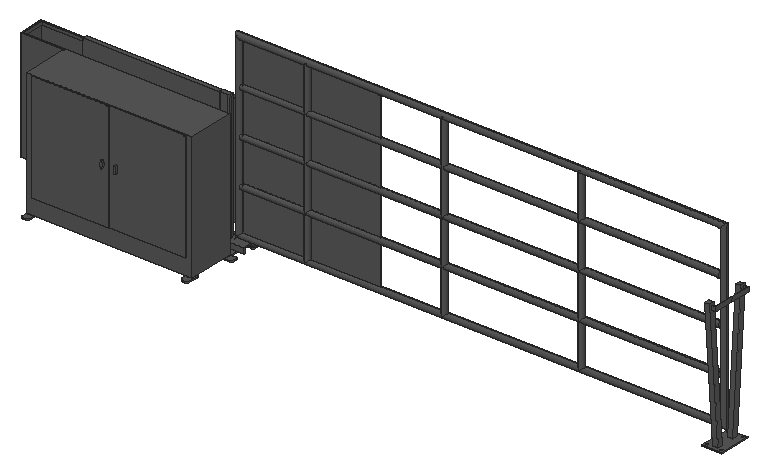
Revit family "1Construction_Fences-&-Traffic-Security_AutoGate_Cornhusker-Pivot-Gates", category Specialty Equipment, Revit 2023
Family settings
  Round Connector Dimension = Use Diameter
  Part Type = Normal
  OmniClass Number = 23.25.40.21.21
  OmniClass Title = Gates
  Work Plane-Based = Yes
  Enable Cutting in Views = Yes
  Always vertical = Yes
  Cut with Voids When Loaded = No
  Maintain Annotation Orientation = No
  Shared = No
  Room Calculation Point = No
Parameters (values of type "Cornhusker VPG")
  z_York Pad Clearance [instance] = and(Concrete Pad Min. Clearance, or(Yoke Option = 5, Yoke Option = 6, Yoke Option = 7))  # yes
  z_Yoke Pad 2 [instance] = if(Yoke Option = 5, 9.500", 5.500")  # 5.500"
  z_Yoke Pad 1 [instance] = if(Yoke Option = 5, 3.500", 7.500")  # 7.500"
  z_Single Rail Visibility [instance] = if(Height < 60.000", 1 = 1, 1 = 0)  # no
  z_Second Rail Position [instance] = z_First Rail Position + (Height - 7.375") / (z_No of Rails + 1)  # 36.3125"
  z_No of Uprights [instance] = (roundup((Length - 27.623" - 2.375") / 83.000"))  # 3
  z_No of Rails [instance] = if(Height < 60.000", 2, (rounddown((Height - 5.000") / 18.208") - 1))  # 3
  z_Multiple Rail Visibility [instance] = not(z_Single Rail Visibility)  # yes
  z_Mesh End Position [instance] = 59.000"  # constant formula
  z_Last Upright Position [instance] = Length - 27.623" - z_Distance Between Uprights * (z_No of Uprights - 1)  # 60.62567"
  z_First Rail Position [instance] = (Height - 5.000" - 2.375") / (z_No of Rails + 1)  # 18.15625"
  z_Distance Between Uprights [instance] = (Length - 27.623" - (z_No of Uprights - 1) * 2.375") / (z_No of Uprights)  # 55.87567"
  Yoke Options Note [instance] = "Hover over to see Yoke Options!\r\n0-None\r\n1-Style A – Post Mounted\r\n2-Style B – Post Mounted\r\n3-Style C – Offset Wall or Post Mounted\r\n4-Style D – Wall or Post Mounted\r\n5-Style DA5 – Pad Mounted\r\n6-Style E – Standard Pad Monted\r\n7-Style F – Gate Perpendicular to Wall\r\n8-Style G – Buried in the Ground\r\n9-Style H – Offset Wall or Post Mount \r\n10-Style Dual Split – Primary Reference – Used on 8” Plus Primary/Secondary Setups\r\n11-Style Dual Split – Secondary Reference – Used on 8” Plus Primary/Secondary Setups\r\n12-Style Dual Center – Used on shorter Primary/Secondary Setups"  # constant formula
  Yoke Option [instance] = 6
  Yoke Material [instance] = AutoGate - Steel - Powder Coated - Black
  Yoke [instance] = if(Yoke Option = 1, "Style A", if(Yoke Option = 2, "Style B", if(Yoke Option = 3, "Style C", if(Yoke Option = 4, "Style D", if(Yoke Option = 5, "Style DA5", if(Yoke Option = 6, "Style E", if(Yoke Option = 7, "Style F", if(Yoke Option = 8, "Style G", if(Yoke Option = 9, "Style H", if(Yoke Option = 10, "Style Dual Split - Primary Reference", if(Yoke Option = 11, "Style Dual Split - Secondary Reference", if(Yoke Option = 12, "Style Dual Center", "None"))))))))))))  # "Style E"
  Voltage [instance] = if([240VAC 1PH 20Amp], 240 V, 120 V)  # 120 V
  Version = 1  # constant formula
  URL = "https://www.autogate.com/"
  Righthand Gate [instance] = not(Lefthand Gate)  # no
  Rated Load Current [instance] = 20 A
  Product data url = "https://www.bimobject.com/en/autogate/product/cornhusker-pivot-gates"
  Product Page URL = "https://www.autogate.com/vertical-pivot-gates/"
  Product Documentation Link = "https://www.itwredhead.com/portals/0/fmproductcatalog/documents/products/39/trubolttechnicaldata.pdf"
  Power Option [instance] = if([240VAC 1PH 20Amp], "240VAC 1PH 20Amp", "120VAC 1PH 20Amp")  # "120VAC 1PH 20Amp"
  Power Factor [instance] = 1
  Operator to Yoke Length [instance] = Length - 2.000" - 2.400"  # 195.600"
  Number of Poles [instance] = 1  # constant formula
  Model = "Cornhusker - VPG"  # constant formula
  Lefthand Gate [instance] = yes
  Keynote = "323100"  # constant formula
  Installation instructions = "https://www.itwredhead.com/portals/0/fmproductcatalog/documents/products/95/truboltsubmittal-1.pdf"
  Geometry Note [instance] = "Geometry is generic and used for presentation only. User should contact MFR to create geometry as per wishes and local standards. User should also consult factory for gates over 8’ high as they require special crating and freight arrangements."  # constant formula
  Gate Operator Side Note [instance] = "Hover over to see Gate Operator Side Options!\r\nOptions are:\r\n - Lefthand\r\n - Righthand\r\nPlease Select correct option based on specific situation, for every instance in the project.\r\nHave in mind that left/right side is always defined looking from the Private Side of the gate.\r\nOperator maintenance doors are away in the Private Side."  # constant formula
  Operator Type [instance] = if(Lefthand Gate, "Lefthand VPG2490", "Righthand VPG2490")  # "Lefthand VPG2490"
  Operator Material [instance] = AutoGate - Steel - Powder Coated - Black
  Min Gate Length [instance] = 120.000"  # constant formula
  Min Gate Height [instance] = 48.000"  # constant formula
  Max Gate Length [instance] = 300.000"  # constant formula
  Max Gate Height [instance] = 96.000"  # constant formula
  Length Input [instance] = 200.000"
  Length [instance] = if(Length Input < Min Gate Length, Min Gate Length, if(Length Input > Max Gate Length, Max Gate Length, Length Input))  # 200.000"
  Height Input [instance] = 80.000"
  Height [instance] = if(Height Input < Min Gate Height, Min Gate Height, if(Height Input > Max Gate Height, Max Gate Height, Height Input))  # 80.000"
  Gate Material [instance] = AutoGate - Steel - Powder Coated - Black
  Manufacturer = "AutoGate"  # constant formula
  Fence Post OD Input [instance] = 0.000"
  Fence Post OD [instance] = if(or(Yoke Option = 1, Yoke Option = 2), Fence Post OD Input, 0.000")  # 0.000"
  Description = "Cornhusker Vertcal Pivot Gate"  # constant formula
  Default Elevation = 0.000"
  Date Updated = "-"  # constant formula
  Date Created = "2025/09/16"  # constant formula
  Concrete Pad Min. Clearance [instance] = yes
  Barrier Screen Material [instance] = AutoGate - Steel Screen - Powder Coated - Black
  Assembly Code = "G2040100"
  Apparent Load [instance] = 0 VA
  240VAC 1PH 20Amp [instance] = no
  120VAC 1PH 20Amp [instance] = not([240VAC 1PH 20Amp])  # yes
Reference planes (in)
  plane 1 "Center (Front/Back)": y = 0
  plane 2: z = 0
  plane 3 "Center (Left/Right)": x = 0
  plane 4: x = -100
  plane 5: x = 100
  plane 6: z = 5
  plane 7: x = 98.625
  plane 8: x = -41
  plane 9: z = -36
  plane 10: y = 9
  plane 11: y = -9
  plane 12: x = 105.5
  plane 13: x = 92.5
  plane 14: y = 9.474
  plane 15: x = -173.5925
  plane 16: x = -91.5925
  plane 17: y = -38.526
  plane 18 "H": z = 80
  plane 19: z = 7.375
  plane 20: z = 23.15625
  plane 21: z = 77.625
  plane 22: z = 41.3125
  plane 23: x = -72.3775
  plane 24: x = 39.37433
  plane 25: z = 42.5
  plane 26: z = 6.1875
Forms (in)
  Extrusion 1, solid, material "AutoGate - Steel Screen - Powder Coated - Black" <- "Barrier Screen Material", detail levels medium+fine
    sketch origin (-116.90053, -180, -36) x (-1, 0, 0) y (0, -1, 0)
      loop
        line (-19.27553, -180) -> (-19.27553, -179.9) -> (-75.90053, -179.9) -> (-75.90053, -180) -> (-19.27553, -180)
    from 43.375 to 113.625
  Extrusion 2, solid, material "AutoGate - Steel - Powder Coated - Black" <- "Gate Material", detail levels coarse
    sketch origin (-106.3001, 0.375, 48) x (-1, 0, 0) y (0, 0, 1)
      loop
        line (-8.6751, 29.625) -> (-203.92511, 29.625) -> (-203.92511, -40.625) -> (-8.6751, -40.625) -> (-8.6751, 29.625)
    from -0.75 to 0
  Sweep 3, solid, material "AutoGate - Steel - Powder Coated - Black" <- "Gate Material"
    path origin (-106.3001, 0.375, 48) x (-1, 0, 0) y (0, 0, 1)
      loop
        line (-6.3001, 32) -> (-206.3001, 32) -> (-206.3001, -43) -> (-6.3001, -43) -> (-6.3001, 32)
    profile origin (0, 0.375, 80) x (0, 0, -1) y (0, 1, 0)
      loop
        circle (1.1875, -0.375) r 1.19
  Sweep 4, solid, material "AutoGate - Steel - Powder Coated - Black" <- "Gate Material", visible <- "z_Single Rail Visibility", detail levels medium+fine
    path origin (-106.3001, 0.375, 48) x (-1, 0, 0) y (0, 0, 1)
      loop
        line (-204.0251, -5.5) -> (-8.6751, -5.5)
    profile origin (0.05, 0.375, 42.5) x (0, 0, 1) y (0, 1, 0)
      loop
        line (0.0625, 0.8125) -> (-0.0625, 0.8125) -> (-0.35367, 0.77417) -> (-0.625, 0.66178) -> (-0.858, 0.483) -> (-1.03678, 0.25) -> (-1.14917, -0.02133) -> (-1.1875, -0.3125) -> (-1.1875, -0.4375) -> (-1.14917, -0.72867) -> (-1.03678, -1) -> (-0.858, -1.233) -> (-0.625, -1.41178) -> (-0.35367, -1.52417) -> (-0.0625, -1.5625) -> (0.0625, -1.5625) -> (0.35367, -1.52417) -> (0.625, -1.41178) -> (0.858, -1.233) -> (1.03678, -1) -> (1.14917, -0.72867) -> (1.1875, -0.4375) -> (1.1875, -0.3125) -> (1.14917, -0.02133) -> (1.03678, 0.25) -> (0.858, 0.483) -> (0.625, 0.66178) -> (0.35367, 0.77417) -> (0.0625, 0.8125)
Lines and regions (in)
  Masking region 1
    outline origin (-116.90053, -180, -36) x (-1, 0, 0) y (0, -1, 0)
      loop
        line (-215.71303, -181.1875) -> (-18.08803, -181.1875)
        arc (-18.08803, -181.1875) -> (-16.90053, -180) -> (-18.08803, -178.8125) r 1.1875
        line (-18.08803, -178.8125) -> (-215.71303, -178.8125)
        arc (-215.71303, -178.8125) -> (-216.90053, -180) -> (-215.71303, -181.1875) r 1.1875
  model lines, style "AutoGate_Concrete Pad Clearance", visible <- "z_York Pad Clearance"
    curve 1: line (105.5, 9, 0) -> (92.5, 9, 0)
    curve 2: line (105.5, -9, 0) -> (105.5, 9, 0)
    curve 3: line (92.5, -9, 0) -> (105.5, -9, 0)
    curve 4: line (92.5, 9, 0) -> (92.5, -9, 0)
    curve 13: line (105.5, 9, -36) -> (92.5, 9, -36)
    curve 14: line (92.5, 9, -36) -> (92.5, -9, -36)
    curve 15: line (92.5, -9, -36) -> (105.5, -9, -36)
    curve 16: line (105.5, -9, -36) -> (105.5, 9, -36)
    curve 21: line (92.5, 9, 0) -> (92.5, 9, -36)
    curve 22: line (92.5, -9, -36) -> (92.5, -9, 0)
    curve 23: line (105.5, 9, 0) -> (105.5, 9, -36)
    curve 24: line (105.5, -9, -36) -> (105.5, -9, 0)
  model lines, style "AutoGate_Concrete Pad Clearance", visible <- "Concrete Pad Min. Clearance"
    curve 5: line (-91.5925, 9.474, 0) -> (-173.5925, 9.474, 0)
    curve 6: line (-173.5925, -38.526, 0) -> (-173.5925, 9.474, 0)
    curve 7: line (-91.5925, -38.526, 0) -> (-173.5925, -38.526, 0)
    curve 8: line (-91.5925, 9.474, 0) -> (-91.5925, -38.526, 0)
    curve 9: line (-91.5925, 9.474, -36) -> (-173.5925, 9.474, -36)
    curve 10: line (-173.5925, -38.526, -36) -> (-173.5925, 9.474, -36)
    curve 11: line (-91.5925, -38.526, -36) -> (-173.5925, -38.526, -36)
    curve 12: line (-91.5925, 9.474, -36) -> (-91.5925, -38.526, -36)
    curve 17: line (-173.5925, 9.474, 0) -> (-173.5925, 9.474, -36)
    curve 18: line (-173.5925, -38.526, 0) -> (-173.5925, -38.526, -36)
    curve 19: line (-91.5925, -38.526, 0) -> (-91.5925, -38.526, -36)
    curve 20: line (-91.5925, 9.474, 0) -> (-91.5925, 9.474, -36)
Dimensions and locks (in)
  equal spacing: plane 5, plane 3 "Center (Left/Right)", plane 4
  "Length": plane 5 to plane 4
  locked: plane 6 to plane 2 at 5
  locked: plane 5 to plane 7 at 1.375
  "z_Mesh End Position": plane 4 to plane 8
  locked: nested 2 to plane 1 "Center (Front/Back)" at 0.021
  nested 2 to nested 2 = 17.500"
  plane 2 to plane 9 = 36.000"
  locked: plane 14 to nested 2 at 3
  locked: plane 17 to plane 14 at 48
  locked: plane 15 to plane 16 at 82
  locked: plane 4 to plane 16 at 8.4075
  "z_Yoke Pad 1": plane 13 to plane 5
  "z_Yoke Pad 2": plane 5 to plane 12
  curve 3 to plane 1 "Center (Front/Back)" to curve 1 = 9.000" locked, 9.000" locked
  "Height": plane 18 "H" to plane 2
  Extrusion 2 to plane 1 "Center (Front/Back)" to Extrusion 2 = 0.375" locked, 0.375" locked
  locked: plane 1 "Center (Front/Back)" to Extrusion 1 sketch curve at 0.1
  locked: plane 19 to plane 2 at 7.375
  locked: plane 4 to Extrusion 1 sketch curve at 2.375
  "z_First Rail Position": plane 20 to plane 6
  locked: plane 18 "H" to plane 21 at 2.375
  "z_Second Rail Position": plane 22 to plane 6
  locked: plane 23 to plane 4 at 27.6225
  locked: plane 4 to nested 2 at 0.9075
  locked: Extrusion 2 sketch curve to plane 4 at 2.375
  locked: plane 5 to Extrusion 2 sketch curve at 2.375
  locked: plane 18 "H" to Extrusion 1 at 2.375
  locked: Masking region 1 sketch curve to plane 4
  locked: plane 5 to Masking region 1 sketch curve
  "z_Last Upright Position": plane 24 to plane 5
  equal spacing: plane 18 "H", plane 25, plane 6
  locked: Sweep 4 sketch curve to plane 4 at 2.375
  locked: plane 5 to Sweep 4 sketch curve at 2.275
  equal spacing: group 1, group 2, group 5  (x3)
  plane 26 to plane 6 = 1.1875"
  equal spacing: group 3, group 6, group 4  (x3)
  aligned and locked: level to plane 2
  aligned and locked: plane 1 "Center (Front/Back)" to nested 1
  aligned and locked: nested 1 to plane 5
  aligned and locked: nested 1 to plane 2
  aligned and locked: curve 2 to plane 12
  aligned and locked: curve 4 to plane 13
  aligned and locked: curve 5 to plane 14
  aligned and locked: curve 6 to plane 15
  aligned and locked: curve 7 to plane 17
  aligned and locked: curve 8 to plane 16
  aligned and locked: curve 9 to curve 5
  aligned and locked: curve 10 to plane 15
  aligned and locked: curve 11 to plane 17
  aligned and locked: curve 12 to plane 16
  aligned and locked: curve 13 to curve 1
  aligned and locked: curve 14 to curve 4
  aligned and locked: curve 15 to curve 3
  aligned and locked: curve 16 to curve 2
  aligned and locked: curve 17 to plane 14
  aligned and locked: curve 18 to plane 17
  aligned and locked: plane 17 to curve 19
  aligned and locked: plane 14 to curve 20
  aligned and locked: plane 10 to curve 21
  aligned and locked: curve 22 to plane 11
  aligned and locked: curve 23 to plane 10
  aligned and locked: curve 24 to plane 11
  aligned and locked: plane 8 to Extrusion 1
  aligned and locked: Sweep 3 sketch curve to plane 6
  aligned and locked: plane 4 to Sweep 3 sketch curve
  aligned and locked: Sweep 3 sketch curve to plane 5
  aligned and locked: plane 2 to nested 2
  aligned and locked: Extrusion 1 sketch curve to plane 8
  aligned and locked: Sweep 3 sketch curve to plane 18 "H"
  aligned and locked: plane 19 to Extrusion 1
  aligned and locked: Extrusion 2 sketch curve to plane 19
  aligned and locked: Extrusion 2 sketch curve to plane 21
  aligned and locked: plane 25 to Sweep 4 sketch curve
  aligned and locked: nested 3 to plane 20
  aligned and locked: plane 3 "Center (Left/Right)" to nested 3
  aligned and locked: plane 1 "Center (Front/Back)" to nested 3
  aligned and locked: plane 1 "Center (Front/Back)" to nested 5
  aligned and locked: plane 26 to nested 5
  aligned and locked: nested 5 to plane 23
  aligned and locked: plane 24 to nested 6
  aligned and locked: plane 26 to nested 6
  aligned and locked: plane 1 "Center (Front/Back)" to nested 6
  aligned and locked: nested 4 to plane 22
  aligned and locked: plane 3 "Center (Left/Right)" to nested 4
Automatic sketch dimensions
  curve 17 to plane 9 = 0.000"
  curve 18 to plane 9 = 0.000"
  curve 18 to level = 0.000"
  curve 17 to level = 0.000"
  curve 19 to plane 9 = 0.000"
  curve 20 to plane 9 = 0.000"
  curve 20 to level = 0.000"
  curve 19 to level = 0.000"
  curve 21 to plane 9 = 0.000"
  curve 22 to plane 9 = 0.000"
  curve 22 to level = 0.000"
  curve 21 to level = 0.000"
  curve 23 to plane 9 = 0.000"
  curve 24 to plane 9 = 0.000"
  curve 24 to level = 0.000"
  curve 23 to level = 0.000"
  Extrusion 1 sketch curve to plane 1 "Center (Front/Back)" = 0.000"
  Sweep 3 sketch curve to profile plane = 0.375"
  Sweep 3 sketch curve to profile plane = 1.1875"
  plane 1 "Center (Front/Back)" to Masking region 1 sketch curve = 0.000"
  plane 7 to Masking region 1 sketch curve = 0.1875"
  profile plane to Sweep 4 sketch curve = 1.1875"
  Sweep 4 sketch curve to Sweep 4 sketch curve = 0.03833"  (x6)
  Sweep 4 sketch curve to Sweep 4 sketch curve = 0.11239"  (x8)
  Sweep 4 sketch curve to Sweep 4 sketch curve = 0.17878"  (x4)
  Sweep 4 sketch curve to Sweep 4 sketch curve = 0.233"  (x8)
  Sweep 4 sketch curve to Sweep 4 sketch curve = 0.27133"  (x8)
  Sweep 4 sketch curve to Sweep 4 sketch curve = 0.29117"  (x8)
  Sweep 4 sketch curve to Sweep 4 sketch curve = 0.125"  (x4)
  Sweep 4 sketch curve to profile plane = 1.5625"
  Sweep 4 sketch curve to Sweep 4 sketch curve = 0.17879"  (x4)
  radius of Sweep 3 sketch curve = 1.190"
Nested families (in)
  nested 1: "Yoke" at (100, 0, 0), Fence Post O.D. Input <- "Fence Post OD", type "Yoke"
    with Halfback Out Dia 6.250", Halfback Offset 3.000", Halfback Length B 8.094", Halfback Length A 7.500", Halfback Dia 6.000", Fence Post O.D. Input 0.000", Fence Height 80.000"
  nested 2: "Gate Operator" at (-99.0925, -23.956, 0), type "Gate Operator"
  nested 3: "Rail" at (0, 0, 23.15625), type "Rail"
  nested 4: "Rail" at (0, 0, 41.3125), type "Rail"
  nested 5: "Upright" at (-71.19, 0, 6.1875), type "Upright"
    with Upright Height 72.624", Height 80.000"
  nested 6: "Upright" at (40.56183, 0, 6.1875), type "Upright"
    with Upright Height 72.624", Height 80.000"
  nested 7: "Rail" at (0, 0, 59.46875), type "Rail"
  nested 8: "Upright" at (-15.31408, 0, 6.1875), type "Upright"
    with Upright Height 72.624", Height 80.000"
Connectors (in)
  electrical at (-166.2675, -14.206, 26.4637), driven by "Number of Poles", driven by "Voltage", driven by "Power Factor", driven by "Apparent Load"
    settings: on nested 2, index 1, voltage 120 V, apparent load 0 VA, apparent load phase1 0 VA, apparent load phase2 0 VA, apparent load phase3 0 VA, power factor 1, load classification "Power", number of poles 1, system type 31, power factor state 1, is connector primary yes, connector utility no, sub classification motor no, connector description "Power"
Definition of nested family "Yoke"
  Parameters (values of type "Yoke")
    Void Bottom G = if(Type_Index = 8, 0.000", 3.000")  # 3.000"
    Void E_F_G = if(or(Type_Index = 6, Type_Index = 7, Type_Index = 8, Type_Index = 6), 0.250", 0.000")  # 0.250"
    Void DA5 = if(Type_Index = 5, 0.250", 0.000")  # 0.000"
    Void D = if(Type_Index = 4, 2.500", 1.000")  # 1.000"
    Void Bottom = if(or(Type_Index = 6, Type_Index = 7, Type_Index = 8), 4.000", if(Type_Index = 8, 2.000", 0.000"))  # 4.000"
    Top Br Offset B_F = if(Type_Index = 7, 5.131", 5.250")  # 5.250"
    Top Br B_F = if(or(Type_Index = 2, Type_Index = 7), 1 = 1, 1 = 0)  # no
    Top Br A_D_DA5_E_G = if(or(Type_Index = 1, Type_Index = 4, Type_Index = 5, Type_Index = 6, Type_Index = 8), 1 = 1, 1 = 0)  # yes
    Post R-F = if(Type_Index = 7, 1 = 1, 1 = 0)  # no
    Post R = if(or(Type_Index = 1, Type_Index = 4, Type_Index = 5, Type_Index = 6, Type_Index = 8), 1 = 1, 1 = 0)  # yes
    Halfback Out Dia [instance] = if(A, Halfback Dia + 0.220", Halfback Dia + 0.250")  # 6.250"
    H = if(Type_Index = 9, 1 = 1, 1 = 0)  # no
    Post L = if(or(Type_Index = 0, Type_Index = 10, Type_Index > 9), 1 = 0, 1 = 1)  # yes
    Halfback Length B [instance] = Halfback Dia + 2.094"  # 8.094"
    Halfback Length A [instance] = Halfback Dia + 1.500"  # 7.500"
    G = if(Type_Index = 8, 1 = 1, 1 = 0)  # no
    F = if(Type_Index = 7, 1 = 1, 1 = 0)  # no
    E = if(Type_Index = 6, 1 = 1, 1 = 0)  # yes
    DS_P = if(Type_Index = 11, 1 = 1, 1 = 0)  # no
    DS_S = if(Type_Index = 10, 1 = 1, 1 = 0)  # no
    DC_DS = or(DS_S, DC, DS_P)  # no
    DC = if(Type_Index = 12, 1 = 1, 1 = 0)  # no
    B = if(Type_Index = 2, 1 = 1, 1 = 0)  # no
    Halfback Offset [instance] = Halfback Dia / 2  # 3.000"
    A = if(Type_Index = 1, 1 = 1, 1 = 0)  # no
    DA5 = if(Type_Index = 5, 1 = 1, 1 = 0)  # no
    Bottom Plate Offset = if(Type_Index = 5, 1.000", if(or(Type_Index = 6, Type_Index = 7), 5.000", 0.000"))  # 5.000"
    Bottom Plate = if(or(Type_Index = 5, Type_Index = 6, Type_Index = 7), 1 = 1, 1 = 0)  # yes
    C = if(Type_Index = 3, 1 = 1, 1 = 0)  # no
    Bottom Br A_D_DA5 = if(or(Type_Index = 1, Type_Index = 4, Type_Index = 5), 1 = 1, 1 = 0)  # no
    Halfback Dia [instance] = if(and(A, Fence Post O.D. Input < 2.000"), 2.000", if(and(A, Fence Post O.D. Input > 8.000"), 8.000", if(A, Fence Post O.D. Input, if(and(B, Fence Post O.D. Input < 2.000"), 2.020", if(and(B, Fence Post O.D. Input > 8.000"), 8.020", if(B, Fence Post O.D. Input + 0.020", 6.000"))))))  # 6.000"
    Type_Index = 6
    Material = none
    Fence Post O.D. Input [instance] = 0.000"
    Fence Height = 84.000"
    Default Elevation = 0.000"
  Reference planes (in)
    plane 1 "Center (Front/Back)": y = 0
    plane 2: z = 0
    plane 3 "Center (Left/Right)": x = 0
    plane 4: z = 54.5
    plane 5: x = -2
    plane 6: z = 0.25
    plane 7: x = -4
    plane 8: x = -6
    plane 9: z = 54
    plane 10: z = 52
    plane 11: y = -8.25
    plane 12: y = 8.25
    plane 13: x = 2
    plane 14: z = 9
    plane 15: z = 11
    plane 16: y = -5.25
    plane 17: y = 5.25
    plane 18: x = 5
    plane 19: y = 3.75
    plane 20: y = -3.75
    plane 21: z = 54.125
    plane 22: z = 51.875
    plane 23: z = 11.125
    plane 24: z = 8.875
    plane 25: y = -4.949
    plane 26: x = 1.5
    plane 27: x = 1.75
    plane 28: y = 8.25
    plane 29: x = 4.047
    plane 30: x = -4.047
    plane 31: x = 1
    plane 32: x = 2
    plane 33: x = 4
    plane 34: x = 2.875
    plane 35: x = 3.125
    plane 36: z = 0
    plane 37: z = -0.25
    plane 38: x = -5
    plane 39: z = 0.25
    plane 40: z = 0
    plane 41: z = 0.5
    plane 42: x = -3
    plane 43: x = -5
    plane 44: z = -36
    plane 45: z = 5
    plane 46: z = 44.5
    plane 47: z = 84
    plane 48: z = 35.69506
    plane 49: z = 33.29506
    plane 50: z = 53.30494
    plane 51: z = 55.70494
    plane 52: z = 62.5
    plane 53: z = 26.5
    plane 54: z = 12.875
    plane 55: z = 76.125
  Forms (in)
    Extrusion 1, solid, material <- "Material", visible <- "Post L"
      sketch origin (0, 0, 0) x (0, 1, 0) y (0, 0, 1)
        loop
          line (-6.73765, 54.5) -> (-8.73277, 54.36049) -> (-4.949, 0.25) -> (-2.94412, 0.25) -> (-6.73765, 54.5)
      from -2 to 0
    Extrusion 2, solid, material <- "Material", visible <- "Post R"
      sketch origin (0, 0, 0) x (0, -1, 0) y (0, 0, -1)
        loop
          line (-6.73808, -54.5) -> (-2.94455, -0.25) -> (-4.94944, -0.25) -> (-8.73321, -54.36049) -> (-6.73808, -54.5)
      from -2 to 0
    Extrusion 3, void
      sketch origin (0, 0, 0) x (0, 1, 0) y (0, 0, 1)
        loop
          line (-3.28646, 5.13951) -> (-5.28159, 5) -> (-5.28159, 0) -> (5.28159, 0) -> (5.28159, 5) -> (3.28646, 5.13951) -> (-3.28646, 5.13951)
      from -4 to -6
    Extrusion 4, solid, material <- "Material", visible <- "Top Br A_D_DA5_E_G"
      sketch origin (0, 0, 0) x (1, 0, 0) y (0, 1, 0)
        loop
          line (0, -8) -> (0, -8.25) -> (2, -8.25) -> (2, 0) -> (2, 8.25) -> (0, 8.25) -> (0, 8) -> (1.75, 8) -> (1.75, 0) -> (1.75, -8) -> (0, -8)
      from 52 to 54
    Extrusion 5, solid, material <- "Material", visible <- "Bottom Br A_D_DA5"
      sketch origin (0, 0, 0) x (1, 0, 0) y (0, 1, 0)
        loop
          line (0, -5) -> (0, -5.25) -> (2, -5.25) -> (2, 0) -> (2, 5.25) -> (0, 5.25) -> (0, 5) -> (1.75, 5) -> (1.75, 0) -> (1.75, -5) -> (0, -5)
      from 9 to 11
    Extrusion 6, solid, material <- "Material", visible <- "A"
      sketch origin (0, 0, 0) x (1, 0, 0) y (0, 1, 0)
        loop
          line (4.72637, 2.9766) -> (4.72637, 3.75) -> (4.63262, 3.75) -> (4.63262, 3.0898)
          arc (4.63262, 3.0898) -> (1.97537, 0) -> (4.63262, -3.0898) r 3.125
          line (4.63262, -3.0898) -> (4.63262, -3.75) -> (4.72637, -3.75) -> (4.72637, -2.9766)
          arc (4.72637, -2.9766) -> (2.10037, 0) -> (4.72637, 2.9766) r 3
        loop
          line (5.27363, -2.9766) -> (5.27363, -3.75) -> (5.36738, -3.75) -> (5.36738, -3.0898)
          arc (5.36738, -3.0898) -> (8.02463, 0) -> (5.36738, 3.0898) r 3.125
          line (5.36738, 3.0898) -> (5.36738, 3.75) -> (5.27363, 3.75) -> (5.27363, 2.9766)
          arc (5.27363, 2.9766) -> (7.89963, 0) -> (5.27363, -2.9766) r 3
      from 51.875 to 54.125
    Extrusion 7, solid, material <- "Material", visible <- "A"
      sketch origin (0, 0, -20) x (1, 0, 0) y (0, 1, 0)
        loop
          line (4.72637, 2.9766) -> (4.72637, 3.75) -> (4.63262, 3.75) -> (4.63262, 3.0898)
          arc (4.63262, 3.0898) -> (1.97537, 0) -> (4.63262, -3.0898) r 3.125
          line (4.63262, -3.0898) -> (4.63262, -3.75) -> (4.72637, -3.75) -> (4.72637, -2.9766)
          arc (4.72637, -2.9766) -> (2.10037, 0) -> (4.72637, 2.9766) r 3
        loop
          line (5.27363, -2.9766) -> (5.27363, -3.75) -> (5.36738, -3.75) -> (5.36738, -3.0898)
          arc (5.36738, -3.0898) -> (8.02463, 0) -> (5.36738, 3.0898) r 3.125
          line (5.36738, 3.0898) -> (5.36738, 3.75) -> (5.27363, 3.75) -> (5.27363, 2.9766)
          arc (5.27363, 2.9766) -> (7.89963, 0) -> (5.27363, -2.9766) r 3
      from 28.875 to 31.125
    Extrusion 8, solid, material <- "Material", visible <- "B"
      sketch origin (0, 0, 0) x (0, 1, 0) y (0, 0, 1)
        loop
          line (-1, 54) -> (-1, 9) -> (1, 9) -> (1, 54) -> (-1, 54)
      from 1.5 to 1.75
    Extrusion 9, solid, material <- "Material", visible <- "Top Br B_F"
      sketch origin (0, 0, 0) x (1, 0, 0) y (0, 1, 0)
        loop
          line (0, -7.24946) -> (2, -7.24946) -> (2, 5.25) -> (0, 5.25) -> (0, 5) -> (1.75, 5) -> (1.75, -6.99946) -> (0, -6.99946) -> (0, -7.24946)
      from 52 to 54
    Extrusion 10, solid, material <- "Material", visible <- "B"
      sketch origin (0, 0, 0) x (1, 0, 0) y (0, 1, 0)
        loop
          line (0, -5.25) -> (2, -5.25) -> (2, 5.25) -> (0, 5.25) -> (0, 5) -> (1.75, 5) -> (1.75, -5) -> (0, -5) -> (0, -5.25)
      from 9 to 11
    Extrusion 11, solid, material <- "Material", visible <- "B"
      sketch origin (0, 0, 0) x (1, 0, 0) y (0, 1, 0)
        loop
          arc (3.06198, 8.74037) -> (0, 11.24094) -> (-3.06198, 8.74037) r 3.125
          line (-3.06198, 8.74037) -> (-4.047, 8.74037) -> (-4.047, 8.61537) -> (-2.95814, 8.61537)
          arc (-2.95814, 8.61537) -> (0, 11.11594) -> (2.95814, 8.61537) r 3
          line (2.95814, 8.61537) -> (4.047, 8.61537) -> (4.047, 8.74037) -> (3.06198, 8.74037)
        loop
          arc (-3.06176, 7.75963) -> (0, 5.26014) -> (3.06176, 7.75963) r 3.125
          line (3.06176, 7.75963) -> (4.047, 7.75963) -> (4.047, 7.88463) -> (2.95795, 7.88463)
          arc (2.95795, 7.88463) -> (0, 5.38514) -> (-2.95795, 7.88463) r 3
          line (-2.95795, 7.88463) -> (-4.047, 7.88463) -> (-4.047, 7.75963) -> (-3.06176, 7.75963)
      from 51.875 to 54.125
    Extrusion 12, solid, material <- "Material", visible <- "B"
      sketch origin (0, 0, 0) x (1, 0, 0) y (0, 1, 0)
        loop
          arc (3.06198, 8.74037) -> (0, 11.24094) -> (-3.06198, 8.74037) r 3.125
          line (-3.06198, 8.74037) -> (-4.047, 8.74037) -> (-4.047, 8.61537) -> (-2.95814, 8.61537)
          arc (-2.95814, 8.61537) -> (0, 11.11594) -> (2.95814, 8.61537) r 3
          line (2.95814, 8.61537) -> (4.047, 8.61537) -> (4.047, 8.74037) -> (3.06198, 8.74037)
        loop
          arc (-3.06176, 7.75963) -> (0, 5.26014) -> (3.06176, 7.75963) r 3.125
          line (3.06176, 7.75963) -> (4.047, 7.75963) -> (4.047, 7.88463) -> (2.95795, 7.88463)
          arc (2.95795, 7.88463) -> (0, 5.38514) -> (-2.95795, 7.88463) r 3
          line (-2.95795, 7.88463) -> (-4.047, 7.88463) -> (-4.047, 7.75963) -> (-3.06176, 7.75963)
      from 8.875 to 11.125
    Extrusion 13, void
      sketch origin (0, 0, 0) x (0, 1, 0) y (0, 0, 1)
        loop
          circle (-0.49956, 53.5) r 0.1405
        loop
          circle (0.50044, 52.5) r 0.1405
        loop
          circle (-0.49956, 10.5) r 0.1405
        loop
          circle (0.50044, 9.5) r 0.1405
      from 0 to 1
    Extrusion 14, solid, material <- "Material", visible <- "DA5"
      sketch origin (0, 0, 0) x (0, 1, 0) y (0, 0, 1)
        loop
          line (-6.73765, 54.5) -> (-8.73277, 54.36049) -> (-5.28115, 5.00003) -> (-3.28603, 5.13954) -> (-6.73765, 54.5)
        loop
          line (6.73765, 54.5) -> (3.28603, 5.13954) -> (5.28115, 5.00003) -> (8.73277, 54.36049) -> (6.73765, 54.5)
      from 2 to 4
    Extrusion 15, solid, material <- "Material", visible <- "DA5"
      sketch origin (0, 0, 0) x (1, 0, 0) y (0, 1, 0)
        loop
          line (2, -8) -> (0.25, -8) -> (0.25, 0) -> (0.25, 8) -> (2, 8) -> (2, 8.25) -> (0, 8.25) -> (0, 0) -> (0, -8.25) -> (2, -8.25) -> (2, -8)
      from 52 to 54
    Extrusion 16, solid, material <- "Material", visible <- "DA5"
      sketch origin (0, 0, 0) x (1, 0, 0) y (0, 1, 0)
        loop
          line (2, -5) -> (0.25, -5) -> (0.25, 0) -> (0.25, 5) -> (2, 5) -> (2, 5.25) -> (0, 5.25) -> (0, 0) -> (0, -5.25) -> (2, -5.25) -> (2, -5)
      from 9 to 11
    Extrusion 17, solid, material <- "Material", visible <- "DA5"
      sketch origin (0, 0, 0) x (1, 0, 0) y (0, 1, 0)
        loop
          arc (2.375, 1.99746) -> (2.10983, 1.88762) -> (2, 1.62246) r 0.375
          line (2, 1.62246) -> (2, -1.62246)
          arc (2, -1.62246) -> (2.10983, -1.88762) -> (2.375, -1.99746) r 0.375
          line (2.375, -1.99746) -> (3.625, -1.99746)
          arc (3.625, -1.99746) -> (3.89017, -1.88762) -> (4, -1.62246) r 0.375
          line (4, -1.62246) -> (4, 1.62246)
          arc (4, 1.62246) -> (3.89017, 1.88762) -> (3.625, 1.99746) r 0.375
          line (3.625, 1.99746) -> (2.375, 1.99746)
      from 0.25 to 54.5
    Extrusion 18, solid, material <- "Material", visible <- "Bottom Plate"
      sketch origin (0, 0, 0) x (1, 0, 0) y (0, 1, 0)
        loop
          line (3, 6.5) -> (-5, 6.5) -> (-5, -6.5) -> (3, -6.5) -> (3, 6.5)
      from 0 to 0.25
    Extrusion 19, solid, material <- "Material", visible <- "DA5"
      sketch origin (0, 0, 0) x (0, 1, 0) y (0, 0, 1)
        loop
          line (-2, 4.5) -> (-4.25, 2.25) -> (-4.25, 0.25) -> (-2, 0.25) -> (-2, 4.5)
        loop
          line (4.25, 0.25) -> (4.25, 2.25) -> (2, 4.5) -> (2, 0.25) -> (4.25, 0.25)
      from 2.875 to 3.125
    Extrusion 20, void
      sketch origin (0, 0, 0) x (1, 0, 0) y (0, 1, 0)
        loop
          circle (0, 0) r 0.3125
        loop
          circle (6, 0) r 0.3125
        loop
          circle (3, 5.5) r 0.3125
        loop
          circle (3, -5.5) r 0.3125
      from -0.25 to 0
    Extrusion 21, void
      sketch origin (0, 0, 0) x (1, 0, 0) y (0, 1, 0)
        loop
          circle (-4, 5.5) r 0.406
        loop
          circle (2, 5.5) r 0.406
        loop
          circle (2, -5.5) r 0.406
        loop
          circle (-4, -5.5) r 0.406
      from 0 to 0.25
    Extrusion 22, solid, material <- "Material", visible <- "Post R-F"
      sketch origin (0, 0, 0) x (0, 1, 0) y (0, 0, 1)
        loop
          line (4.00044, 54.5) -> (4.00044, 0.25) -> (6.00044, 0.25) -> (6.00044, 54.5) -> (4.00044, 54.5)
      from -2 to 0
    Extrusion 23, solid, material <- "Material", visible <- "H"
      sketch origin (0, 0, 0) x (0, 1, 0) y (0, 0, 1)
        loop
          line (4.00044, 54) -> (4.00044, 9) -> (6.00044, 9) -> (6.00044, 54) -> (4.00044, 54)
      from 1.5 to 1.75
    Extrusion 24, solid, material <- "Material", visible <- "H"
      sketch origin (0, 0, 0) x (1, 0, 0) y (0, 1, 0)
        loop
          line (0, -7.25) -> (2, -7.25) -> (2, 9.25) -> (-2.25, 9.25) -> (-2.25, 9) -> (1.75, 9) -> (1.75, -7) -> (0, -7) -> (0, -7.25)
      from 52 to 54
    Extrusion 25, solid, material <- "Material", visible <- "H"
      sketch origin (0, 0, 0) x (1, 0, 0) y (0, 1, 0)
        loop
          line (-2.25, 9) -> (1.75, 9) -> (1.75, -5) -> (0, -5) -> (0, -5.25) -> (2, -5.25) -> (2, 9.25) -> (-2.25, 9.25) -> (-2.25, 9)
      from 9 to 11
    Extrusion 26, void
      sketch origin (0, 0, 0) x (0, 1, 0) y (0, 0, 1)
        loop
          line (-5.25, 0) -> (5.25, 0) -> (5.25, 0.5) -> (-5.25, 0.5) -> (-5.25, 0)
      from -5 to -3
    Extrusion 27, solid, material <- "Material", visible <- "G"
      sketch origin (0, 0, 0) x (0, 1, 0) y (0, 0, 1)
        loop
          line (5.25, 0.5) -> (-5.25, 0.5) -> (-5.25, 0) -> (5.25, 0) -> (5.25, 0.5)
      from -5 to -3
    Extrusion 28, solid, material <- "Material", visible <- "G"
      sketch origin (0, 0, 0) x (1, 0, 0) y (0, 1, 0)
        loop
          line (-5, 1) -> (-5, -1) -> (0, -1) -> (0, 1) -> (-5, 1)
      from -36 to 0
    Extrusion 29, solid, material <- "Material", visible <- "G"
      sketch origin (0, 0, 0) x (0, 1, 0) y (0, 0, 1)
        loop
          line (-3.99956, -28.73012) -> (-3.99956, -29.48012) -> (4.00044, -29.48012) -> (4.00044, -28.73012) -> (-3.99956, -28.73012)
      from -5.75 to -5
    Extrusion 30, solid, material <- "Material", visible <- "C"
      sketch origin (0, 0, 0) x (1, 0, 0) y (0, 1, 0)
        loop
          line (0, -7.24999) -> (2, -7.24999) -> (2, 4.75) -> (6, 4.75) -> (6, 5) -> (1.75, 5) -> (1.75, -6.99999) -> (0, -6.99999) -> (0, -7.24999)
      from 52 to 54
    Extrusion 31, solid, material <- "Material", visible <- "C"
      sketch origin (0, 0, 0) x (1, 0, 0) y (0, 1, 0)
        loop
          line (2, 4.75) -> (6, 4.75) -> (6, 5) -> (1.75, 5) -> (1.75, -5) -> (0, -5) -> (0, -5.25) -> (2, -5.25) -> (2, 4.75)
      from 9 to 11
    Extrusion 32, solid, material <- "Material", visible <- "DC"
      sketch origin (0, 0, 0) x (1, 0, 0) y (0, 1, 0)
        loop
          line (1.6, 3.25) -> (0, 3.25) -> (0, -3.25) -> (1.6, -3.25) -> (1.6, -3.05) -> (0.2, -3.05) -> (0.2, 3.05) -> (1.6, 3.05) -> (1.6, 3.25)
      from 33.29506 to 35.69506
    Extrusion 33, solid, material <- "Material", visible <- "DC"
      sketch origin (0, 0, 0) x (1, 0, 0) y (0, 1, 0)
        loop
          line (-3.4, 3.25) -> (-5, 3.25) -> (-5, -3.25) -> (-3.4, -3.25) -> (-3.4, -3.05) -> (-4.8, -3.05) -> (-4.8, 3.05) -> (-3.4, 3.05) -> (-3.4, 3.25)
      from 53.30494 to 55.70494
    Sweep 34, solid, material <- "Material", visible <- "DC"
      path origin (0, 0, 0) x (0, 1, 0) y (0, 0, 1)
        loop
          line (4.52916, 62.5) -> (3.05, 56.5) -> (3.05, 32.5) -> (4.52916, 26.5)
      profile origin (0, 3.05, 44.5) x (1, 0, 0) y (0, 1, 0)
        loop
          line (3.2, 0) -> (3.2, 0.875) -> (3.1, 0.875) -> (3.1, 0.1) -> (1.7, 0.1) -> (1.7, 0.875) -> (1.6, 0.875) -> (1.6, 0) -> (3.2, 0)
    Sweep 35, solid, material <- "Material", visible <- "DC"
      path origin (0, 0, 0) x (0, 1, 0) y (0, 0, 1)
        loop
          line (-4.52916, 62.5) -> (-3.05, 56.5) -> (-3.05, 32.5) -> (-4.52916, 26.5)
      profile origin (0, -3.05, 44.5) x (1, 0, 0) y (0, 1, 0)
        loop
          line (3.2, 0) -> (1.6, 0) -> (1.6, -0.875) -> (1.7, -0.875) -> (1.7, -0.1) -> (3.1, -0.1) -> (3.1, -0.875) -> (3.2, -0.875) -> (3.2, 0)
    Extrusion 36, solid, material <- "Material", visible <- "DS_S"
      sketch origin (0, 0, 0) x (1, 0, 0) y (0, 1, 0)
        loop
          line (1.6, 3.25) -> (0, 3.25) -> (0, -3.25) -> (1.6, -3.25) -> (1.6, -3.05) -> (0.2, -3.05) -> (0.2, 3.05) -> (1.6, 3.05) -> (1.6, 3.25)
      from 11.275 to 14.475
    Sweep 37, solid, material <- "Material", visible <- "DS_S"
      path origin (0, 0, 0) x (0, 1, 0) y (0, 0, 1)
        loop
          line (4.30729, 20.75) -> (3.05, 15.65) -> (3.05, 10.1) -> (4.30729, 5)
      profile origin (0, 3.05, 12.875) x (1, 0, 0) y (0, 1, 0)
        loop
          line (1.6, 0) -> (3.2, 0) -> (3.2, 0.875) -> (3.1, 0.875) -> (3.1, 0.1) -> (1.7, 0.1) -> (1.7, 0.875) -> (1.6, 0.875) -> (1.6, 0)
    Sweep 38, solid, material <- "Material", visible <- "DS_S"
      path origin (0, 0, 0) x (0, 1, 0) y (0, 0, 1)
        loop
          line (-4.30729, 20.75) -> (-3.05, 15.65) -> (-3.05, 10.1) -> (-4.30729, 5)
      profile origin (0, -3.05, 12.875) x (1, 0, 0) y (0, 1, 0)
        loop
          line (1.6, -0.875) -> (1.7, -0.875) -> (1.7, -0.1) -> (3.1, -0.1) -> (3.1, -0.875) -> (3.2, -0.875) -> (3.2, 0) -> (1.6, 0) -> (1.6, -0.875)
    Extrusion 39, solid, material <- "Material", visible <- "DS_P"
      sketch origin (0, 0, 0) x (1, 0, 0) y (0, 1, 0)
        loop
          line (1.6, 3.25) -> (0, 3.25) -> (0, -3.25) -> (1.6, -3.25) -> (1.6, -3.05) -> (0.2, -3.05) -> (0.2, 3.05) -> (1.6, 3.05) -> (1.6, 3.25)
      from 74.525 to 77.725
    Sweep 40, solid, material <- "Material", visible <- "DS_P"
      path origin (0, 0, 0) x (0, 1, 0) y (0, 0, 1)
        loop
          line (4.30729, 68.25) -> (3.05, 73.35) -> (3.05, 78.9) -> (4.30729, 84)
      profile origin (0, 3.05, 76.125) x (0, -1, 0) y (1, 0, 0)
        loop
          line (-0.875, 3.2) -> (-0.875, 3.1) -> (-0.1, 3.1) -> (-0.1, 1.7) -> (-0.875, 1.7) -> (-0.875, 1.6) -> (0, 1.6) -> (0, 3.2) -> (-0.875, 3.2)
    Sweep 41, solid, material <- "Material", visible <- "DS_P"
      path origin (0, 0, 0) x (0, 1, 0) y (0, 0, 1)
        loop
          line (-4.30729, 68.25) -> (-3.05, 73.35) -> (-3.05, 78.9) -> (-4.30729, 84)
      profile origin (0, -3.05, 76.125) x (0, -1, 0) y (1, 0, 0)
        loop
          line (0.875, 1.6) -> (0.875, 1.7) -> (0.1, 1.7) -> (0.1, 3.1) -> (0.875, 3.1) -> (0.875, 3.2) -> (0, 3.2) -> (0, 1.6) -> (0.875, 1.6)
  Cuts and joins
    Extrusion 3, Extrusion 26 cuts Extrusion 1
    Extrusion 3, Extrusion 26 cuts Extrusion 2
    Extrusion 13 cuts Extrusion 4
    Extrusion 13 cuts Extrusion 5
    Extrusion 20, Extrusion 21 cuts Extrusion 18
  Lines and regions (in)
    Masking region 1, visible <- "Top Br A_D_DA5_E_G"
      outline origin (0, 0, 0) x (1, 0, 0) y (0, 1, 0)
        loop
          line (0, 8) -> (1.75, 8) -> (1.75, 0) -> (1.75, -8) -> (0, -8) -> (0, -8.25) -> (2, -8.25) -> (2, 0) -> (2, 8.25) -> (0, 8.25) -> (0, 8)
    Masking region 2, visible <- "Top Br A_D_DA5_E_G"
      outline origin (0, 0, 0) x (1, 0, 0) y (0, 1, 0)
        loop
          line (0, -5) -> (0, -5.25) -> (1.75, -5.25) -> (1.75, -5) -> (0, -5)
        loop
          line (1.75, 5) -> (1.75, 5.25) -> (0, 5.25) -> (0, 5) -> (1.75, 5)
    Masking region 3, visible <- "Post R"
      outline origin (0, 0, 0) x (1, 0, 0) y (0, 1, 0)
        loop
          line (-2, 8.73321) -> (-2, 6.73808) -> (0, 6.73808) -> (0, 8.73321) -> (-2, 8.73321)
    Masking region 4, visible <- "Post R"
      outline origin (0, 0, 0) x (1, 0, 0) y (0, 1, 0)
        loop
          line (-2, 3.28646) -> (0, 3.28646) -> (0, 6.73808) -> (-2, 6.73808) -> (-2, 3.28646)
    Masking region 5, visible <- "Post L"
      outline origin (0, 0, 0) x (1, 0, 0) y (0, 1, 0)
        loop
          line (-2, -8.73321) -> (0, -8.73321) -> (0, -6.73808) -> (-2, -6.73808) -> (-2, -8.73321)
    Masking region 6, visible <- "Post L"
      outline origin (0, 0, 0) x (1, 0, 0) y (0, 1, 0)
        loop
          line (0, -6.73808) -> (0, -3.28603) -> (-2, -3.28603) -> (-2, -6.73808) -> (0, -6.73808)
    Masking region 7, visible <- "A"
      outline origin (0, 0, 0) x (1, 0, 0) y (0, 1, 0)
        loop
          line (4.72637, 2.9766) -> (4.72637, 3.75) -> (4.63262, 3.75) -> (4.63262, 3.0898)
          arc (4.63262, 3.0898) -> (1.97537, 0) -> (4.63262, -3.0898) r 3.125
          line (4.63262, -3.0898) -> (4.63262, -3.75) -> (4.72637, -3.75) -> (4.72637, -2.9766)
          arc (4.72637, -2.9766) -> (2.10037, 0) -> (4.72637, 2.9766) r 3
        loop
          line (5.27363, -2.9766) -> (5.27363, -3.75) -> (5.36738, -3.75) -> (5.36738, -3.0898)
          arc (5.36738, -3.0898) -> (8.02463, 0) -> (5.36738, 3.0898) r 3.125
          line (5.36738, 3.0898) -> (5.36738, 3.75) -> (5.27363, 3.75) -> (5.27363, 2.9766)
          arc (5.27363, 2.9766) -> (7.89963, 0) -> (5.27363, -2.9766) r 3
    Masking region 8, visible <- "Top Br B_F"
      outline origin (0, 0, 0) x (1, 0, 0) y (0, 1, 0)
        loop
          line (0, -7.24946) -> (2, -7.24946) -> (2, 5.25) -> (0, 5.25) -> (0, 5) -> (1.75, 5) -> (1.75, -6.99946) -> (0, -6.99946) -> (0, -7.24946)
    Masking region 9, visible <- "B"
      outline origin (0, 0, 0) x (1, 0, 0) y (0, 1, 0)
        loop
          line (0, -5.25) -> (1.75, -5.25) -> (1.75, -5) -> (0, -5) -> (0, -5.25)
    Masking region 10, visible <- "B"
      outline origin (0, 0, 0) x (1, 0, 0) y (0, 1, 0)
        loop
          arc (3.06198, 8.74037) -> (0, 11.24094) -> (-3.06198, 8.74037) r 3.125
          line (-3.06198, 8.74037) -> (-4.047, 8.74037) -> (-4.047, 8.61537) -> (-2.95814, 8.61537)
          arc (-2.95814, 8.61537) -> (0, 11.11594) -> (2.95814, 8.61537) r 3
          line (2.95814, 8.61537) -> (4.047, 8.61537) -> (4.047, 8.74037) -> (3.06198, 8.74037)
        loop
          arc (-3.06176, 7.75963) -> (0, 5.26014) -> (3.06176, 7.75963) r 3.125
          line (3.06176, 7.75963) -> (4.047, 7.75963) -> (4.047, 7.88463) -> (2.95795, 7.88463)
          arc (2.95795, 7.88463) -> (0, 5.38514) -> (-2.95795, 7.88463) r 3
          line (-2.95795, 7.88463) -> (-4.047, 7.88463) -> (-4.047, 7.75963) -> (-3.06176, 7.75963)
    Masking region 11, visible <- "B"
      outline origin (0, 0, 0) x (1, 0, 0) y (0, 1, 0)
        loop
          line (1.5, 1) -> (1.5, -1) -> (1.75, -1) -> (1.75, 1) -> (1.5, 1)
    Masking region 12, visible <- "C"
      outline origin (0, 0, 0) x (1, 0, 0) y (0, 1, 0)
        loop
          line (0, -7.24999) -> (2, -7.24999) -> (2, 4.75) -> (6, 4.75) -> (6, 5) -> (1.75, 5) -> (1.75, -6.99999) -> (0, -6.99999) -> (0, -7.24999)
    Masking region 13, visible <- "C"
      outline origin (0, 0, 0) x (1, 0, 0) y (0, 1, 0)
        loop
          line (1.75, -5) -> (0, -5) -> (0, -5.25) -> (1.75, -5.25) -> (1.75, -5)
    Masking region 14, visible <- "DA5"
      outline origin (0, 0, 0) x (1, 0, 0) y (0, 1, 0)
        loop
          line (2, -8) -> (0.25, -8) -> (0.25, 0) -> (0.25, 8) -> (2, 8) -> (2, 8.25) -> (0, 8.25) -> (0, 0) -> (0, -8.25) -> (2, -8.25) -> (2, -8)
    Masking region 15, visible <- "DA5"
      outline origin (0, 0, 0) x (1, 0, 0) y (0, 1, 0)
        loop
          line (2, 8.73277) -> (2, 6.73765) -> (4, 6.73765) -> (4, 8.73277) -> (2, 8.73277)
        loop
          line (2, -8.73277) -> (4, -8.73277) -> (4, -6.73765) -> (2, -6.73765) -> (2, -8.73277)
        loop
          line (-1.125, 4.25) -> (-1.125, 2) -> (-0.875, 2) -> (-0.875, 4.25) -> (-1.125, 4.25)
        loop
          line (-0.875, -4.25) -> (-0.875, -2) -> (-1.125, -2) -> (-1.125, -4.25) -> (-0.875, -4.25)
    Masking region 16, visible <- "DA5"
      outline origin (0, 0, 0) x (1, 0, 0) y (0, 1, 0)
        loop
          line (4, 3.28603) -> (4, 6.73765) -> (2, 6.73765) -> (2, 3.28603) -> (4, 3.28603)
        loop
          line (4, -3.28603) -> (2, -3.28603) -> (2, -6.73765) -> (4, -6.73765) -> (4, -3.28603)
        loop
          arc (0, 1.62246) -> (-0.10983, 1.88762) -> (-0.375, 1.99746) r 0.375
          line (-0.375, 1.99746) -> (-1.625, 1.99746)
          arc (-1.625, 1.99746) -> (-1.89017, 1.88762) -> (-2, 1.62246) r 0.375
          line (-2, 1.62246) -> (-2, -1.62246)
          arc (-2, -1.62246) -> (-1.89017, -1.88762) -> (-1.625, -1.99746) r 0.375
          line (-1.625, -1.99746) -> (-0.375, -1.99746)
          arc (-0.375, -1.99746) -> (-0.10983, -1.88762) -> (0, -1.62246) r 0.375
          line (0, -1.62246) -> (0, 1.62246)
    Masking region 17, visible <- "H"
      outline origin (0, 0, 0) x (1, 0, 0) y (0, 1, 0)
        loop
          line (0, -7.25) -> (2, -7.25) -> (2, 9.25) -> (-2.25, 9.25) -> (-2.25, 9) -> (1.75, 9) -> (1.75, -7) -> (0, -7) -> (0, -7.25)
    Masking region 18, visible <- "H"
      outline origin (0, 0, 0) x (1, 0, 0) y (0, 1, 0)
        loop
          line (1.75, -5) -> (0, -5) -> (0, -5.25) -> (1.75, -5.25) -> (1.75, -5)
        loop
          line (1.5, 6.00044) -> (1.5, 4.00044) -> (1.75, 4.00044) -> (1.75, 6.00044) -> (1.5, 6.00044)
    Masking region 19, visible <- "DC_DS"
      outline origin (0, 0, 0) x (1, 0, 0) y (0, 1, 0)
        loop
          line (1.6, 3.25) -> (0, 3.25) -> (0, -3.25) -> (1.6, -3.25) -> (1.6, -3.05) -> (0.2, -3.05) -> (0.2, 3.05) -> (1.6, 3.05) -> (1.6, 3.25)
        loop
          line (1.6, 5.37873) -> (1.6, 4.52916) -> (3.2, 4.52916) -> (3.2, 5.37873) -> (3.1, 5.37873) -> (3.1, 4.62626) -> (1.7, 4.62626) -> (1.7, 5.37873) -> (1.6, 5.37873)
        loop
          line (1.6, -5.37873) -> (1.7, -5.37873) -> (1.7, -4.62626) -> (3.1, -4.62626) -> (3.1, -5.37873) -> (3.2, -5.37873) -> (3.2, -4.52916) -> (1.6, -4.52916) -> (1.6, -5.37873)
    Masking region 20, visible <- "DC_DS"
      outline origin (0, 0, 0) x (1, 0, 0) y (0, 1, 0)
        loop
          line (1.6, 4.52916) -> (1.6, 3.05) -> (3.2, 3.05) -> (3.2, 4.52916) -> (1.6, 4.52916)
        loop
          line (1.6, -3.05) -> (1.6, -4.52916) -> (3.2, -4.52916) -> (3.2, -3.05) -> (1.6, -3.05)
    Masking region 21, visible <- "G"
      outline origin (0, 0, 0) x (1, 0, 0) y (0, 1, 0)
        loop
          line (0, 1.00044) -> (0, 3.28646) -> (-2, 3.28646) -> (-2, 1.00044) -> (0, 1.00044)
        loop
          line (0, -1.00044) -> (-2, -1.00044) -> (-2, -3.28646) -> (0, -3.28646) -> (0, -1.00044)
    Masking region 22, visible <- "G"
      outline origin (0, 0, 0) x (1, 0, 0) y (0, 1, 0)
        loop
          line (-2.75, 1.00044) -> (-2, 1.00044) -> (-2, 4.00044) -> (-2.75, 4.00044) -> (-2.75, 1.00044)
        loop
          line (-2.75, -1.00044) -> (-2.75, -4.00044) -> (-2, -4.00044) -> (-2, -1.00044) -> (-2.75, -1.00044)
    Masking region 23, visible <- "F"
      outline origin (0, 0, 0) x (1, 0, 0) y (0, 1, 0)
        loop
          circle (-4, 5.5) r 0.406
        loop
          circle (-4, -5.5) r 0.406
        loop
          line (3, 6.5) -> (-5, 6.5) -> (-5, 1) -> (0, 1) -> (0, -1) -> (-5, -1) -> (-5, -6.5) -> (-2, -6.5) -> (-2, -3.28603) -> (0, -3.28603) -> (0, -6.5) -> (1.75, -6.5) -> (1.75, -5.8199)
          arc (1.75, -5.8199) -> (1.594, -5.5) -> (1.75, -5.1801) r 0.406
          line (1.75, -5.1801) -> (1.75, 4.881) -> (0, 4.881) -> (0, 4.00044) -> (-2, 4.00044) -> (-2, 6.00044) -> (0, 6.00044) -> (0, 5.131) -> (1.83066, 5.131)
          arc (1.83066, 5.131) -> (2.08667, 5.89664) -> (2, 5.094) r 0.406
          line (2, 5.094) -> (2, -5.094)
          arc (2, -5.094) -> (2.406, -5.5) -> (2, -5.906) r 0.406
          line (2, -5.906) -> (2, -6.5) -> (3, -6.5) -> (3, 6.5)
    Masking region 24, visible <- "F"
      outline origin (0, 0, 0) x (1, 0, 0) y (0, 1, 0)
        loop
          line (0, 6.00044) -> (-2, 6.00044) -> (-2, 4.00044) -> (0, 4.00044) -> (0, 6.00044)
    Masking region 25, visible <- "E"
      outline origin (0, 0, 0) x (1, 0, 0) y (0, 1, 0)
        loop
          line (-2, 6.5) -> (-5, 6.5) -> (-5, 1) -> (0, 1) -> (0, -1) -> (-5, -1) -> (-5, -6.5) -> (-2, -6.5) -> (-2, -3.28603) -> (0, -3.28603) -> (0, -5) -> (1.75, -5) -> (1.75, 5) -> (0, 5) -> (0, 3.28646) -> (-2, 3.28646) -> (-2, 6.5)
        loop
          line (0, 5.25) -> (1.6801, 5.25)
          arc (1.6801, 5.25) -> (1.59702, 5.54943) -> (1.75, 5.8199) r 0.406
          line (1.75, 5.8199) -> (1.75, 6.5) -> (0, 6.5) -> (0, 5.25)
        loop
          arc (2, 5.906) -> (2.406, 5.5) -> (2, 5.094) r 0.406
          line (2, 5.094) -> (2, -5.094)
          arc (2, -5.094) -> (2.406, -5.5) -> (2, -5.906) r 0.406
          line (2, -5.906) -> (2, -6.5) -> (3, -6.5) -> (3, 6.5) -> (2, 6.5) -> (2, 5.906)
        loop
          arc (1.75, -5.8199) -> (1.59702, -5.54943) -> (1.6801, -5.25) r 0.406
          line (1.6801, -5.25) -> (0, -5.25) -> (0, -6.5) -> (1.75, -6.5) -> (1.75, -5.8199)
        loop
          circle (-4, 5.5) r 0.406
        loop
          circle (-4, -5.5) r 0.406
    Masking region 26, visible <- "DA5"
      outline origin (0, 0, 0) x (1, 0, 0) y (0, 1, 0)
        loop
          line (2, -1.62246) -> (2, -6.5) -> (4, -6.5) -> (4, -1.62246)
          arc (4, -1.62246) -> (3.89017, -1.88762) -> (3.625, -1.99746) r 0.375
          line (3.625, -1.99746) -> (3.125, -1.99746) -> (3.125, -4.25) -> (2.875, -4.25) -> (2.875, -1.99746) -> (2.375, -1.99746)
          arc (2.375, -1.99746) -> (2.10983, -1.88762) -> (2, -1.62246) r 0.375
        loop
          circle (3, -5.5) r 0.3125
        loop
          line (0, -5.25) -> (0, -6.5) -> (1.75, -6.5) -> (1.75, -5.25) -> (0, -5.25)
        loop
          line (6, -5.25) -> (4.25, -5.25) -> (4.25, -6.5) -> (6, -6.5) -> (6, -5.25)
        loop
          line (0, 5) -> (0, 3.28646) -> (-1, 3.28646) -> (-1, 1) -> (0, 1) -> (0, 0.3125)
          arc (0, 0.3125) -> (0.3125, 0) -> (0, -0.3125) r 0.3125
          line (0, -0.3125) -> (0, -1) -> (-1, -1) -> (-1, -3.28603) -> (0, -3.28603) -> (0, -5) -> (1.75, -5) -> (1.75, 5) -> (0, 5)
        loop
          line (0, 6.5) -> (0, 5.25) -> (1.75, 5.25) -> (1.75, 6.5) -> (0, 6.5)
        loop
          arc (2, 1.62246) -> (2.10983, 1.88762) -> (2.375, 1.99746) r 0.375
          line (2.375, 1.99746) -> (2.875, 1.99746) -> (2.875, 4.25) -> (3.125, 4.25) -> (3.125, 1.99746) -> (3.625, 1.99746)
          arc (3.625, 1.99746) -> (3.89017, 1.88762) -> (4, 1.62246) r 0.375
          line (4, 1.62246) -> (4, 6.5) -> (2, 6.5) -> (2, 1.62246)
        loop
          circle (3, 5.5) r 0.3125
        loop
          circle (6, 0) r 0.3125
        loop
          line (4.25, 6.5) -> (4.25, 5.25) -> (6, 5.25) -> (6, 6.5) -> (4.25, 6.5)
        loop
          line (6, 5) -> (4.25, 5) -> (4.25, -5) -> (6, -5) -> (6, -3.28603) -> (7, -3.28603) -> (7, 3.28646) -> (6, 3.28646) -> (6, 5)
    Masking region 27, visible <- "DA5"
      outline origin (0, 0, 0) x (1, 0, 0) y (0, 1, 0)
        loop
          line (6, 5) -> (6, 5.25) -> (4.25, 5.25) -> (4.25, 5) -> (6, 5)
        loop
          line (6, -5) -> (4.25, -5) -> (4.25, -5.25) -> (6, -5.25) -> (6, -5)
  Dimensions and locks (in)
    locked: plane 4 to plane 2 at 54.5
    locked: plane 5 to plane 3 "Center (Left/Right)" at 2
    locked: plane 4 to Extrusion 1 sketch curve at 0.13951
    plane 1 "Center (Front/Back)" to Extrusion 2 sketch curve to Extrusion 2 sketch curve = 6.73808" locked, 1.99513" locked
    locked: plane 6 to plane 2 at 0.25
    "Void Bottom": plane 3 "Center (Left/Right)" to plane 7
    Extrusion 3 sketch curve to Extrusion 3 sketch curve to Extrusion 3 sketch curve to plane 2 = 0.13951" locked, 0.000" locked, 5.000" locked
    locked: plane 7 to plane 8 at 2
    locked: plane 4 to plane 9 at 0.5
    locked: plane 9 to plane 10 at 2
    plane 11 to plane 1 "Center (Front/Back)" to plane 12 = 8.250" locked, 8.250" locked
    locked: plane 3 "Center (Left/Right)" to plane 13 at 2
    locked: plane 14 to plane 2 at 9
    locked: plane 15 to plane 14 at 2
    plane 1 "Center (Front/Back)" to Extrusion 2 sketch curve to Extrusion 2 sketch curve = 2.94455" locked, 2.00488" locked
    equal spacing: plane 19, plane 1 "Center (Front/Back)", plane 20
    Extrusion 6 sketch curve to Extrusion 6 sketch curve to plane 18 to Extrusion 6 sketch curve to Extrusion 6 sketch curve = 0.09375" locked, 0.27363" locked, 0.27363" locked, 0.09375" locked  (x2)
    "Halfback Length A": plane 19 to plane 20
    "Halfback Offset": plane 13 to plane 18
    Extrusion 6 sketch curve to plane 18 to Extrusion 6 sketch curve = 0.10037" locked, 0.10037" locked
    locked: plane 21 to plane 9 at 0.125
    locked: plane 10 to plane 22 at 0.125
    locked: plane 23 to plane 15 at 0.125
    locked: plane 14 to plane 24 at 0.125
    Extrusion 7 sketch curve to plane 18 to Extrusion 7 sketch curve = 0.10037" locked, 0.10037" locked
    Extrusion 7 sketch curve to Extrusion 7 sketch curve to plane 18 to Extrusion 7 sketch curve to Extrusion 7 sketch curve = 0.09375" locked, 0.27363" locked, 0.27363" locked, 0.09375" locked  (x2)
    locked: plane 25 to plane 1 "Center (Front/Back)" at 4.949
    plane 1 "Center (Front/Back)" to Extrusion 3 sketch curve to Extrusion 3 sketch curve = 3.28646" locked, 1.99513" locked
    locked: Extrusion 3 sketch curve to plane 25 at 0.33259
    locked: Extrusion 3 sketch curve to Extrusion 3 sketch curve at 1.99513
    locked: plane 3 "Center (Left/Right)" to plane 26 at 1.5
    Extrusion 8 sketch curve to plane 1 "Center (Front/Back)" to Extrusion 8 sketch curve = 1.000" locked, 1.000" locked
    locked: plane 26 to plane 27 at 0.25
    equal spacing: plane 30, plane 3 "Center (Left/Right)", plane 29
    "Halfback Length B": plane 30 to plane 29
    "Halfback Offset": plane 28 to plane 17
    locked: Extrusion 11 sketch curve to plane 28 at 0.13514
    locked: plane 28 to Extrusion 11 sketch curve at 0.13406
    Extrusion 11 sketch curve to Extrusion 11 sketch curve to plane 28 to Extrusion 11 sketch curve to Extrusion 11 sketch curve = 0.125" locked, 0.36537" locked, 0.36537" locked, 0.125" locked
    Extrusion 11 sketch curve to Extrusion 11 sketch curve to plane 28 to Extrusion 11 sketch curve to Extrusion 11 sketch curve = 0.125" locked, 0.36537" locked, 0.36537", 0.125"
    Extrusion 12 sketch curve to Extrusion 12 sketch curve to plane 28 to Extrusion 12 sketch curve to Extrusion 12 sketch curve = 0.125" locked, 0.36537" locked, 0.36537" locked, 0.125" locked  (x2)
    Extrusion 12 sketch curve to plane 28 to Extrusion 12 sketch curve = 0.13514" locked, 0.13406" locked
    "Void D": plane 3 "Center (Left/Right)" to plane 31
    Extrusion 13 sketch curve to Extrusion 13 sketch curve to plane 1 "Center (Front/Back)" to Extrusion 13 sketch curve to Extrusion 13 sketch curve = 0.000" locked, 0.49956" locked, 0.50044" locked, 0.000" locked
    plane 15 to Extrusion 13 sketch curve to Extrusion 13 sketch curve = 0.500" locked, 1.000" locked
    plane 9 to Extrusion 13 sketch curve to Extrusion 13 sketch curve = 0.500" locked, 1.000" locked
    Extrusion 14 sketch curve to Extrusion 14 sketch curve to plane 1 "Center (Front/Back)" to Extrusion 14 sketch curve to Extrusion 14 sketch curve = 1.99513" locked, 6.73765" locked, 6.73765" locked, 1.99513" locked
    Extrusion 14 sketch curve to Extrusion 14 sketch curve to plane 1 "Center (Front/Back)" to Extrusion 14 sketch curve to Extrusion 14 sketch curve = 1.99513" locked, 3.28603" locked, 3.28603" locked, 1.99513" locked
    Extrusion 14 sketch curve to Extrusion 14 sketch curve to Extrusion 14 sketch curve to Extrusion 14 sketch curve to Extrusion 14 sketch curve to Extrusion 14 sketch curve to plane 2 = 0.000" locked, 49.22094" locked, 0.000" locked, 0.13951" locked, 0.000" locked, 5.00003" locked
    locked: plane 7 to plane 32 at 6
    locked: plane 32 to plane 33 at 2
    plane 3 "Center (Left/Right)" to Extrusion 17 sketch curve to Extrusion 17 sketch curve to Extrusion 17 sketch curve to Extrusion 17 sketch curve to Extrusion 17 sketch curve to Extrusion 17 sketch curve = 2.000" locked, 0.375" locked, 0.000" locked, 1.250" locked, 0.000" locked, 0.375" locked
    Extrusion 17 sketch curve to Extrusion 17 sketch curve to Extrusion 17 sketch curve to plane 1 "Center (Front/Back)" to Extrusion 17 sketch curve to Extrusion 17 sketch curve to Extrusion 17 sketch curve = 0.375" locked, 0.000" locked, 1.62246" locked, 1.62246" locked, 0.000" locked, 0.375" locked
    Extrusion 18 sketch curve to plane 1 "Center (Front/Back)" to Extrusion 18 sketch curve = 6.500" locked, 6.500" locked
    Extrusion 19 sketch curve to Extrusion 19 sketch curve to plane 1 "Center (Front/Back)" to Extrusion 19 sketch curve to Extrusion 19 sketch curve = 2.250" locked, 2.000" locked, 2.000" locked, 2.250" locked
    Extrusion 19 sketch curve to Extrusion 19 sketch curve to Extrusion 19 sketch curve to Extrusion 19 sketch curve to plane 6 = 0.000" locked, 2.250" locked, 0.000" locked, 2.000" locked
    locked: plane 3 "Center (Left/Right)" to plane 34 at 2.875
    locked: plane 34 to plane 35 at 0.25
    locked: plane 36 to plane 37 at 0.25
    "Void DA5": plane 36 to plane 2
